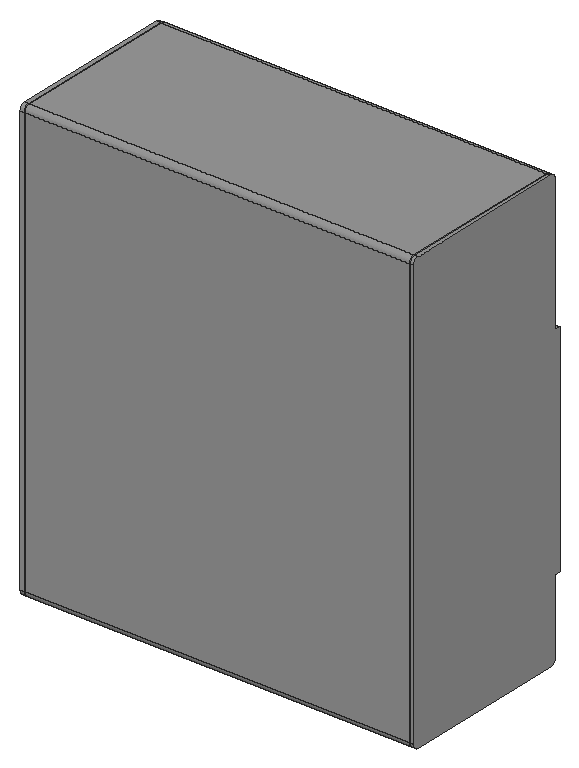
Revit family "L&L_LUCE&LIGHT_PASITO_1.0", category Lighting Fixtures, host Wall, Revit 2018 (continued)
Types (2, lengths in mm): name | Photometric Web File | built-in parameter 1150142
    0.85 20.52 20.12 \r\n19.60 19.07 18.58 18.13 17.70 17.29 16.93 16.58 16.16 \r\n15.73 15.36 15.01 14.65 14.25 13.85 13.50 13.18 12.83 \r\n12.42 12.08 11.77 11.39 11.08 10.76 10.46 10.13 9.83 9.54 \r\n9.19 8.92 8.64 8.34 8.08 7.80 7.51 7.27 7.03 6.77 6.50 \r\n6.27 6.04 5.79 5.54 5.32 5.10 4.86 4.64 4.44 4.24 4.02 \r\n3.83 3.65 3.46 3.27 3.09 2.92 2.74 2.58 2.42 2.25 2.09 \r\n1.93 1.79 1.55 1.11 0.54 0.12 0.01 \r\n0.01 0.07 0.32 0.66 1.40 1.95 2.01 2.07 2.24 2.98 4.40 \r\n6.46 9.00 11.98 15.85 20.68 26.22 32.88 41.31 51.66 63.12 \r\n75.63 87.99 97.26 103.81 108.51 112.35 115.97 119.76 \r\n123.65 127.30 130.73 134.10 137.53 140.95 144.16 147.34 \r\n150.57 153.55 156.24 159.06 161.69 164.28 166.84 169.13 \r\n171.52 173.74 175.73 177.62 179.28 180.73 181.98 183.10 \r\n184.03 184.79 185.31 185.52 185.66 185.72 185.51 184.97 \r\n184.22 183.27 181.92 180.22 178.36 176.19 173.54 170.39 \r\n166.72 162.50 157.68 152.15 145.85 138.78 130.99 122.61 \r\n113.83 104.91 96.22 88.02 80.51 73.75 67.77 62.55 57.99 \r\n54.03 50.58 47.55 44.89 42.55 40.48 38.63 36.91 35.30 \r\n33.81 32.43 31.17 30.03 28.96 27.98 27.09 26.29 25.54 \r\n24.85 24.23 23.67 23.15 22.67 22.23 21.84 21.51 21.22 \r\n20.82 20.28 19.74 19.26 18.83 18.41 17.97 17.56 17.19 \r\n16.83 16.41 15.94 15.56 15.22 14.82 14.39 14.01 13.67 \r\n13.30 12.89 12.54 12.19 11.84 11.43 11.16 10.80 10.45 \r\n10.14 9.83 9.49 9.19 8.91 8.57 8.26 8.01 7.72 7.43 7.15 \r\n6.90 6.63 6.36 6.11 5.85 5.59 5.35 5.13 4.88 4.65 4.43 \r\n4.23 4.01 3.81 3.62 3.42 3.22 3.03 2.84 2.67 2.49 2.31 \r\n2.15 1.97 1.83 1.62 1.18 0.59 0.12 0.01 \r\n0.01 0.07 0.34 0.71 1.53 1.98 2.02 2.09 2.41 3.42 5.16 \r\n7.59 10.41 14.02 18.70 24.12 30.78 39.20 49.45 61.39 \r\n74.57 88.05 98.18 105.42 110.54 114.75 118.93 123.17 \r\n127.31 131.25 135.13 138.96 142.92 146.63 150.14 153.85 \r\n157.53 160.79 164.04 167.38 170.38 173.17 176.01 178.87 \r\n181.44 183.72 186.09 188.33 190.17 191.76 193.43 194.93 \r\n196.07 197.14 198.09 198.74 199.14 199.45 199.63 199.57 \r\n199.23 198.65 197.81 196.73 195.30 193.42 191.13 188.33 \r\n184.94 180.93 176.15 170.55 164.20 156.97 148.89 139.98 \r\n130.47 120.72 111.04 101.73 92.94 84.82 77.52 71.09 65.48 \r\n60.61 56.35 52.66 49.46 46.64 44.16 41.95 39.97 38.18 \r\n36.53 34.98 33.53 32.21 31.03 29.96 28.97 28.07 27.25 \r\n26.50 25.79 25.15 24.56 24.03 23.55 23.13 22.72 22.33 \r\n21.99 21.70 21.30 20.73 20.17 19.74 19.34 18.93 18.48 \r\n18.01 17.64 17.25 16.85 16.43 15.96 15.59 15.17 14.77 \r\n14.38 13.99 13.64 13.23 12.84 12.48 12.12 11.73 11.37 \r\n11.01 10.66 10.34 9.98 9.66 9.34 9.03 8.71 8.40 8.08 7.78 \r\n7.51 7.19 6.91 6.64 6.36 6.10 5.85 5.58 5.33 5.10 4.86 \r\n4.62 4.39 4.18 3.96 3.74 3.54 3.33 3.12 2.92 2.74 2.55 \r\n2.36 2.19 2.00 1.85 1.66 1.24 0.64 0.13 0.01 \r\n0.01 0.07 0.36 0.75 1.63 1.99 2.03 2.12 2.57 3.80 5.85 \r\n8.50 11.70 15.86 21.07 27.21 35.23 44.83 56.70 70.29 \r\n84.67 96.66 105.29 111.22 115.58 120.13 124.72 129.02 \r\n133.29 137.67 141.81 146.09 150.23 154.11 157.98 161.94 \r\n165.58 169.13 172.55 175.70 178.99 182.15 184.82 187.55 \r\n190.15 192.42 194.56 196.61 198.39 199.95 201.22 202.52 \r\n203.64 204.49 205.25 205.86 206.24 206.52 206.63 206.53 \r\n206.29 205.82 205.07 204.04 202.67 200.88 198.61 195.82 \r\n192.38 188.21 183.26 177.29 170.36 162.50 153.69 144.42 \r\n134.92 124.88 114.68 104.94 95.93 87.62 80.08 73.48 67.65 \r\n62.53 58.10 54.25 50.89 47.95 45.37 43.09 41.05 39.21 \r\n37.47 35.84 34.36 33.03 31.85 30.74 29.75 28.85 28.01 \r\n27.22 26.51 25.88 25.29 24.73 24.24 23.80 23.39 23.02 \r\n22.68 22.37 22.07 21.61 20.95 20.40 20.02 19.59 19.18 \r\n18.78 18.29 17.89 17.47 17.08 16.67 16.17 15.81 15.41 \r\n14.96 14.58 14.17 13.78 13.36 13.01 12.61 12.20 11.85 \r\n11.48 11.08 10.74 10.38 10.05 9.69 9.35 9.06 8.69 8.37 \r\n8.06 7.74 7.45 7.16 6.88 6.59 6.32 6.06 5.80 5.52 5.27 \r\n5.04 4.79 4.54 4.31 4.09 3.86 3.64 3.42 3.20 2.99 2.79 \r\n2.60 2.40 2.22 2.04 1.87 1.69 1.29 0.68 0.14 0.01 \r\n0.01 0.08 0.37 0.78 1.71 2.00 2.05 2.16 2.74 4.13 6.36 \r\n9.21 12.70 17.26 22.89 29.82 38.59 49.37 62.70 77.76 \r\n91.77 102.37 110.14 115.02 119.54 124.46 129.11 133.55 \r\n138.26 142.79 147.07 151.63 155.88 159.94 164.08 168.00 \r\n171.68 175.21 178.71 182.16 185.19 188.07 190.91 193.38 \r\n195.76 197.83 199.52 201.21 202.64 203.89 204.91 205.79 \r\n206.50 207.03 207.42 207.66 207.79 207.80 207.70 207.46 \r\n207.11 206.54 205.75 204.76 203.40 201.59 199.43 196.70 \r\n193.23 188.94 183.78 177.93 171.00 163.32 154.65 145.57 \r\n135.96 125.75 115.80 106.34 97.32 88.96 81.34 74.75 68.83 \r\n63.64 59.18 55.26 51.83 48.84 46.21 43.87 41.79 39.92 \r\n38.15 36.51 35.00 33.63 32.43 31.31 30.29 29.38 28.53 \r\n27.77 27.07 26.41 25.82 25.28 24.77 24.30 23.90 23.51 \r\n23.16 22.84 22.54 22.21 21.64 21.01 20.56 20.16 19.67 \r\n19.28 18.84 18.38 18.00 17.49 17.11 16.70 16.22 15.86 \r\n15.39 14.98 14.56 14.14 13.77 13.29 13.00 12.52 12.16 \r\n11.76 11.41 11.01 10.66 10.32 9.94 9.61 9.27 8.95 8.62 \r\n8.26 7.99 7.67 7.36 7.09 6.80 6.50 6.24 5.97 5.69 5.42 \r\n5.17 4.91 4.65 4.41 4.17 3.94 3.70 3.48 3.25 3.03 2.83 \r\n2.63 2.43 2.24 2.06 1.88 1.72 1.33 0.71 0.14 0.01 \r\n0.01 0.08 0.37 0.78 1.77 2.00 2.06 2.17 2.83 4.33 6.67 \r\n9.68 13.31 18.16 24.13 31.45 40.66 52.47 66.46 82.05 \r\n95.67 105.94 112.88 117.61 122.46 127.46 132.23 136.98 \r\n141.91 146.30 150.76 155.36 159.73 164.02 168.10 172.10 \r\n175.95 179.61 183.03 186.24 189.23 192.10 194.74 197.09 \r\n199.02 200.85 202.31 203.46 204.53 205.30 205.84 206.25 \r\n206.46 206.55 206.51 206.36 206.10 205.73 205.33 204.88 \r\n204.26 203.51 202.61 201.48 200.02 198.14 195.92 193.24 \r\n189.84 185.69 180.64 175.17 168.84 161.12 152.81 144.36 \r\n134.93 125.07 115.68 106.40 97.59 89.36 81.86 75.15 69.22 \r\n64.09 59.67 55.70 52.28 49.25 46.62 44.27 42.19 40.31 \r\n38.52 36.88 35.36 33.94 32.72 31.63 30.61 29.70 28.86 \r\n28.07 27.38 26.71 26.09 25.53 25.03 24.58 24.17 23.77 \r\n23.41 23.08 22.77 22.49 22.00 21.35 20.83 20.45 19.98 \r\n19.52 19.13 18.64 18.27 17.83 17.35 17.00 16.49 16.11 \r\n15.70 15.21 14.87 14.35 14.02 13.57 13.18 12.79 12.39 \r\n12.00 11.62 11.27 10.88 10.53 10.18 9.80 9.48 9.13 8.81 \r\n8.48 8.14 7.85 7.51 7.22 6.94 6.64 6.34 6.07 5.79 5.50 \r\n5.24 4.98 4.72 4.46 4.22 3.98 3.74 3.51 3.28 3.06 2.85 \r\n2.65 2.45 2.25 2.08 1.88 1.74 1.35 0.73 0.15 0.01 \r\n0.01 0.07 0.37 0.78 1.81 2.00 2.06 2.17 2.84 4.37 6.76 \r\n9.86 13.47 18.45 24.58 31.78 41.33 53.66 67.51 83.51 \r\n97.42 107.41 114.27 119.24 124.28 129.12 134.17 139.17 \r\n143.87 148.42 153.22 157.62 162.25 166.55 170.60 174.72 \r\n178.74 182.30 185.70 188.92 191.81 194.56 196.98 199.00 \r\n200.82 202.29 203.39 204.27 204.92 205.35 205.52 205.53 \r\n205.40 205.20 204.84 204.37 203.84 203.24 202.56 201.83 \r\n201.03 200.10 198.95 197.65 196.09 194.21 191.86 189.08 \r\n185.74 181.83 177.13 171.86 165.72 158.61 151.08 142.45 \r\n133.58 124.53 115.12 106.08 97.12 89.43 82.23 75.79 69.70 \r\n64.54 60.06 56.00 52.52 49.46 46.81 44.48 42.40 40.51 \r\n38.75 37.16 35.66 34.29 33.04 31.94 30.95 29.95 29.09 \r\n28.34 27.60 26.95 26.34 25.78 25.26 24.80 24.38 23.98 \r\n23.63 23.30 22.97 22.70 22.30 21.68 21.10 20.67 20.23 \r\n19.75 19.39 18.92 18.48 18.09 17.58 17.19 16.74 16.29 \r\n15.92 15.40 15.05 14.61 14.18 13.80 13.35 13.01 12.54 \r\n12.21 11.78 11.43 11.03 10.68 10.28 9.95 9.56 9.25 8.88 \r\n8.56 8.23 7.90 7.60 7.27 6.98 6.69 6.39 6.10 5.81 5.53 \r\n5.27 5.01 4.74 4.49 4.24 4.00 3.76 3.53 3.30 3.07 2.87 \r\n2.67 2.46 2.26 2.09 1.89 1.75 1.37 0.75 0.15 0.01 \r\n0.01 0.07 0.37 0.76 1.81 2.00 2.06 2.16 2.79 4.27 6.64 \r\n9.77 13.23 18.17 24.29 31.00 40.64 52.93 66.06 82.45 \r\n97.31 107.18 114.72 119.96 124.98 129.75 135.00 140.13 \r\n144.56 149.55 154.47 158.70 163.44 168.06 171.94 176.23 \r\n180.28 183.92 187.38 190.80 193.94 196.46 198.95 201.18 \r\n202.94 204.41 205.64 206.43 207.03 207.43 207.56 207.47 \r\n207.30 206.88 206.42 205.95 205.27 204.55 203.69 202.89 \r\n201.98 200.97 199.91 198.45 196.79 195.08 192.78 190.03 \r\n187.15 183.44 178.93 174.12 168.05 161.63 154.57 146.41 \r\n137.43 128.67 119.97 110.65 101.65 93.74 85.89 79.32 \r\n73.38 67.80 63.20 59.16 55.30 51.91 46.81 44.96 42.90 \r\n40.94 39.20 37.53 36.05 34.61 33.29 32.25 31.17 30.18 \r\n29.35 28.50 27.75 27.15 26.53 25.93 25.44 24.95 24.51 \r\n24.15 23.79 23.47 23.14 22.86 22.45 21.76 21.17 20.84 \r\n20.35 19.87 19.56 18.99 18.59 18.15 17.64 17.32 16.76 \r\n16.38 16.01 15.46 15.14 14.63 14.27 13.79 13.38 13.06 \r\n12.56 12.25 11.78 11.49 11.00 10.73 10.26 10.00 9.56 9.25 \r\n8.91 8.55 8.25 7.90 7.61 7.29 6.97 6.70 6.40 6.10 5.81 \r\n5.54 5.28 5.02 4.75 4.50 4.24 4.00 3.76 3.53 3.31 3.08 \r\n2.87 2.67 2.46 2.26 2.09 1.89 1.75 1.38 0.75 0.15 0.01 \r\n0.01 0.07 0.37 0.78 1.81 2.00 2.06 2.17 2.84 4.37 6.76 \r\n9.86 13.47 18.45 24.58 31.78 41.33 53.66 67.51 83.51 \r\n97.42 107.41 114.27 119.24 124.28 129.12 134.17 139.17 \r\n143.87 148.42 153.22 157.62 162.25 166.55 170.60 174.72 \r\n178.74 182.30 185.70 188.92 191.81 194.56 196.98 199.00 \r\n200.82 202.29 203.39 204.27 204.92 205.35 205.52 205.53 \r\n205.40 205.20 204.84 204.37 203.84 203.24 202.56 201.83 \r\n201.03 200.10 198.95 197.65 196.09 194.21 191.86 189.08 \r\n185.74 181.83 177.13 171.86 165.72 158.61 151.08 142.45 \r\n133.58 124.53 115.12 106.08 97.12 89.43 82.23 75.79 69.70 \r\n64.54 60.06 56.00 52.52 49.46 46.81 44.48 42.40 40.51 \r\n38.75 37.16 35.66 34.29 33.04 31.94 30.95 29.95 29.09 \r\n28.34 27.60 26.95 26.34 25.78 25.26 24.80 24.38 23.98 \r\n23.63 23.30 22.97 22.70 22.30 21.68 21.10 20.67 20.23 \r\n19.75 19.39 18.92 18.48 18.09 17.58 17.19 16.74 16.29 \r\n15.92 15.40 15.05 14.61 14.18 13.80 13.35 13.01 12.54 \r\n12.21 11.78 11.43 11.03 10.68 10.28 9.95 9.56 9.25 8.88 \r\n8.56 8.23 7.90 7.60 7.27 6.98 6.69 6.39 6.10 5.81 5.53 \r\n5.27 5.01 4.74 4.49 4.24 4.00 3.76 3.53 3.30 3.07 2.87 \r\n2.67 2.46 2.26 2.09 1.89 1.75 1.37 0.75 0.15 0.01 \r\n0.01 0.08 0.37 0.78 1.77 2.00 2.06 2.17 2.83 4.33 6.67 \r\n9.68 13.31 18.16 24.13 31.45 40.66 52.47 66.46 82.05 \r\n95.67 105.94 112.88 117.61 122.46 127.46 132.23 136.98 \r\n141.91 146.30 150.76 155.36 159.73 164.02 168.10 172.10 \r\n175.95 179.61 183.03 186.24 189.23 192.10 194.74 197.09 \r\n199.02 200.85 202.31 203.46 204.53 205.30 205.84 206.25 \r\n206.46 206.55 206.51 206.36 206.10 205.73 205.33 204.88 \r\n204.26 203.51 202.61 201.48 200.02 198.14 195.92 193.24 \r\n189.84 185.69 180.64 175.17 168.84 161.12 152.81 144.36 \r\n134.93 125.07 115.68 106.40 97.59 89.36 81.86 75.15 69.22 \r\n64.09 59.67 55.70 52.28 49.25 46.62 44.27 42.19 40.31 \r\n38.52 36.88 35.36 33.94 32.72 31.63 30.61 29.70 28.86 \r\n28.07 27.38 26.71 26.09 25.53 25.03 24.58 24.17 23.77 \r\n23.41 23.08 22.77 22.49 22.00 21.35 20.83 20.45 19.98 \r\n19.52 19.13 18.64 18.27 17.83 17.35 17.00 16.49 16.11 \r\n15.70 15.21 14.87 14.35 14.02 13.57 13.18 12.79 12.39 \r\n12.00 11.62 11.27 10.88 10.53 10.18 9.80 9.48 9.13 8.81 \r\n8.48 8.14 7.85 7.51 7.22 6.94 6.64 6.34 6.07 5.79 5.50 \r\n5.24 4.98 4.72 4.46 4.22 3.98 3.74 3.51 3.28 3.06 2.85 \r\n2.65 2.45 2.25 2.08 1.88 1.74 1.35 0.73 0.15 0.01 \r\n0.01 0.08 0.37 0.78 1.71 2.00 2.05 2.16 2.74 4.13 6.36 \r\n9.21 12.70 17.26 22.89 29.82 38.59 49.37 62.70 77.76 \r\n91.77 102.37 110.14 115.02 119.54 124.46 129.11 133.55 \r\n138.26 142.79 147.07 151.63 155.88 159.94 164.08 168.00 \r\n171.68 175.21 178.71 182.16 185.19 188.07 190.91 193.38 \r\n195.76 197.83 199.52 201.21 202.64 203.89 204.91 205.79 \r\n206.50 207.03 207.42 207.66 207.79 207.80 207.70 207.46 \r\n207.11 206.54 205.75 204.76 203.40 201.59 199.43 196.70 \r\n193.23 188.94 183.78 177.93 171.00 163.32 154.65 145.57 \r\n135.96 125.75 115.80 106.34 97.32 88.96 81.34 74.75 68.83 \r\n63.64 59.18 55.26 51.83 48.84 46.21 43.87 41.79 39.92 \r\n38.15 36.51 35.00 33.63 32.43 31.31 30.29 29.38 28.53 \r\n27.77 27.07 26.41 25.82 25.28 24.77 24.30 23.90 23.51 \r\n23.16 22.84 22.54 22.21 21.64 21.01 20.56 20.16 19.67 \r\n19.28 18.84 18.38 18.00 17.49 17.11 16.70 16.22 15.86 \r\n15.39 14.98 14.56 14.14 13.77 13.29 13.00 12.52 12.16 \r\n11.76 11.41 11.01 10.66 10.32 9.94 9.61 9.27 8.95 8.62 \r\n8.26 7.99 7.67 7.36 7.09 6.80 6.50 6.24 5.97 5.69 5.42 \r\n5.17 4.91 4.65 4.41 4.17 3.94 3.70 3.48 3.25 3.03 2.83 \r\n2.63 2.43 2.24 2.06 1.88 1.72 1.33 0.71 0.14 0.01 \r\n0.01 0.07 0.36 0.75 1.63 1.99 2.03 2.12 2.57 3.80 5.85 \r\n8.50 11.70 15.86 21.07 27.21 35.23 44.83 56.70 70.29 \r\n84.67 96.66 105.29 111.22 115.58 120.13 124.72 129.02 \r\n133.29 137.67 141.81 146.09 150.23 154.11 157.98 161.94 \r\n165.58 169.13 172.55 175.70 178.99 182.15 184.82 187.55 \r\n190.15 192.42 194.56 196.61 198.39 199.95 201.22 202.52 \r\n203.64 204.49 205.25 205.86 206.24 206.52 206.63 206.53 \r\n206.29 205.82 205.07 204.04 202.67 200.88 198.61 195.82 \r\n192.38 188.21 183.26 177.29 170.36 162.50 153.69 144.42 \r\n134.92 124.88 114.68 104.94 95.93 87.62 80.08 73.48 67.65 \r\n62.53 58.10 54.25 50.89 47.95 45.37 43.09 41.05 39.21 \r\n37.47 35.84 34.36 33.03 31.85 30.74 29.75 28.85 28.01 \r\n27.22 26.51 25.88 25.29 24.73 24.24 23.80 23.39 23.02 \r\n22.68 22.37 22.07 21.61 20.95 20.40 20.02 19.59 19.18 \r\n18.78 18.29 17.89 17.47 17.08 16.67 16.17 15.81 15.41 \r\n14.96 14.58 14.17 13.78 13.36 13.01 12.61 12.20 11.85 \r\n11.48 11.08 10.74 10.38 10.05 9.69 9.35 9.06 8.69 8.37 \r\n8.06 7.74 7.45 7.16 6.88 6.59 6.32 6.06 5.80 5.52 5.27 \r\n5.04 4.79 4.54 4.31 4.09 3.86 3.64 3.42 3.20 2.99 2.79 \r\n2.60 2.40 2.22 2.04 1.87 1.69 1.29 0.68 0.14 0.01 \r\n0.01 0.07 0.34 0.71 1.53 1.98 2.02 2.09 2.41 3.42 5.16 \r\n7.59 10.41 14.02 18.70 24.12 30.78 39.20 49.45 61.39 \r\n74.57 88.05 98.18 105.42 110.54 114.75 118.93 123.17 \r\n127.31 131.25 135.13 138.96 142.92 146.63 150.14 153.85 \r\n157.53 160.79 164.04 167.38 170.38 173.17 176.01 178.87 \r\n181.44 183.72 186.09 188.33 190.17 191.76 193.43 194.93 \r\n196.07 197.14 198.09 198.74 199.14 199.45 199.63 199.57 \r\n199.23 198.65 197.81 196.73 195.30 193.42 191.13 188.33 \r\n184.94 180.93 176.15 170.55 164.20 156.97 148.89 139.98 \r\n130.47 120.72 111.04 101.73 92.94 84.82 77.52 71.09 65.48 \r\n60.61 56.35 52.66 49.46 46.64 44.16 41.95 39.97 38.18 \r\n36.53 34.98 33.53 32.21 31.03 29.96 28.97 28.07 27.25 \r\n26.50 25.79 25.15 24.56 24.03 23.55 23.13 22.72 22.33 \r\n21.99 21.70 21.30 20.73 20.17 19.74 19.34 18.93 18.48 \r\n18.01 17.64 17.25 16.85 16.43 15.96 15.59 15.17 14.77 \r\n14.38 13.99 13.64 13.23 12.84 12.48 12.12 11.73 11.37 \r\n11.01 10.66 10.34 9.98 9.66 9.34 9.03 8.71 8.40 8.08 7.78 \r\n7.51 7.19 6.91 6.64 6.36 6.10 5.85 5.58 5.33 5.10 4.86 \r\n4.62 4.39 4.18 3.96 3.74 3.54 3.33 3.12 2.92 2.74 2.55 \r\n2.36 2.19 2.00 1.85 1.66 1.24 0.64 0.13 0.01 \r\n0.01 0.07 0.32 0.66 1.40 1.95 2.01 2.07 2.24 2.98 4.40 \r\n6.46 9.00 11.98 15.85 20.68 26.22 32.88 41.31 51.66 63.12 \r\n75.63 87.99 97.26 103.81 108.51 112.35 115.97 119.76 \r\n123.65 127.30 130.73 134.10 137.53 140.95 144.16 147.34 \r\n150.57 153.55 156.24 159.06 161.69 164.28 166.84 169.13 \r\n171.52 173.74 175.73 177.62 179.28 180.73 181.98 183.10 \r\n184.03 184.79 185.31 185.52 185.66 185.72 185.51 184.97 \r\n184.22 183.27 181.92 180.22 178.36 176.19 173.54 170.39 \r\n166.72 162.50 157.68 152.15 145.85 138.78 130.99 122.61 \r\n113.83 104.91 96.22 88.02 80.51 73.75 67.77 62.55 57.99 \r\n54.03 50.58 47.55 44.89 42.55 40.48 38.63 36.91 35.30 \r\n33.81 32.43 31.17 30.03 28.96 27.98 27.09 26.29 25.54 \r\n24.85 24.23 23.67 23.15 22.67 22.23 21.84 21.51 21.22 \r\n20.82 20.28 19.74 19.26 18.83 18.41 17.97 17.56 17.19 \r\n16.83 16.41 15.94 15.56 15.22 14.82 14.39 14.01 13.67 \r\n13.30 12.89 12.54 12.19 11.84 11.43 11.16 10.80 10.45 \r\n10.14 9.83 9.49 9.19 8.91 8.57 8.26 8.01 7.72 7.43 7.15 \r\n6.90 6.63 6.36 6.11 5.85 5.59 5.35 5.13 4.88 4.65 4.43 \r\n4.23 4.01 3.81 3.62 3.42 3.22 3.03 2.84 2.67 2.49 2.31 \r\n2.15 1.97 1.83 1.62 1.18 0.59 0.12 0.01 \r\n0.01 0.07 0.29 0.60 1.24 1.91 1.99 2.04 2.13 2.56 3.61 \r\n5.23 7.44 9.93 12.96 16.89 21.60 26.98 33.31 41.45 51.31 \r\n62.04 73.77 85.11 94.19 100.41 104.85 108.26 111.40 \r\n114.74 118.13 121.25 124.26 127.21 130.15 133.06 135.64 \r\n138.27 140.92 143.30 145.70 148.10 150.39 152.41 154.28 \r\n156.22 158.11 159.77 161.18 162.50 163.81 164.83 165.54 \r\n166.19 166.77 167.00 166.84 166.68 166.45 165.91 165.13 \r\n164.16 162.98 161.62 160.01 158.07 155.80 153.28 150.39 \r\n147.15 143.62 139.63 135.09 130.02 124.36 118.04 111.15 \r\n103.83 96.32 88.87 81.71 75.05 69.04 63.70 58.99 54.87 \r\n51.28 48.13 45.34 42.89 40.71 38.78 37.02 35.40 33.86 \r\n32.41 31.08 29.86 28.75 27.74 26.79 25.92 25.13 24.39 \r\n23.72 23.10 22.53 22.03 21.57 21.18 20.85 20.52 20.12 \r\n19.60 19.07 18.58 18.13 17.70 17.29 16.93 16.58 16.16 \r\n15.73 15.36 15.01 14.65 14.25 13.85 13.50 13.18 12.83
